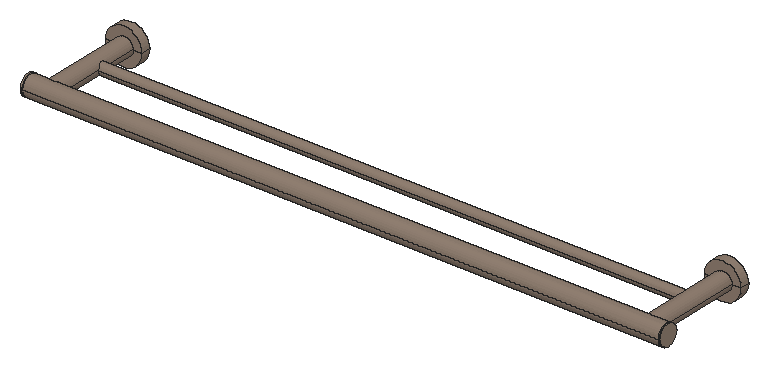
Revit family "Reece_Accessory_Mizu_Drift_Double Towel Rail", category Plumbing Fixtures, Revit 2018
Family settings
  Round Connector Dimension = Use Diameter
  Part Type = Normal
  Work Plane-Based = Yes
  Always vertical = Yes
  Cut with Voids When Loaded = Yes
  Shared = Yes
  Room Calculation Point = Yes
Parameters (values of type "700 x 123.5 mm_Brushed Bronze")
  URL = "https://www.reece.com.au/product/-2269448"
  Type Comments = "Accessory"
  Reece_Product_Web Page = "https://www.reece.com.au/product/-2269448"
  Reece_Product_Type = "Accessory"  # constant formula
  Reece_Product_Sub Brand = "Drift"  # constant formula
  Reece_Product_Number = "2269448"
  Reece_Product_Mount = "Wall"  # constant formula
  Reece_Product_Description = "Mizu Drift Double Towel Rail 700mm Brushed Bronze"
  Reece_Product_Brand = "Mizu"  # constant formula
  Reece_Overall_Width = 700 mm
  Reece_Overall_Height = 40 mm  # constant formula
  Reece_Material_Main = Reece_Brass_Brushed Bronze
  Reece_Height_From_Level [instance] = 600 mm
  Reece_Fixing_Point_Width = 655 mm
  Reece_Detail_Shape = ""
  Reece_Detail_Installation = "Wall Mounted"  # constant formula
  Reece_Detail_Disclaimer = "THIS FILE IS THE PROPERTY OF THE REECE GROUP. IT MAY NOT BE REPRODUCED, REVERSE-ENGINEERED, OR MODIFIED. ANY REPUBLICATION, TRANSMISSION, OR DISTRIBUTION FOR THE PURPOSE OF COMMERCIALLY EXPLOITING THE FILES IS PROHIBITED."  # constant formula
  Reece_Detail_Connector = ""
  Reece_Detail_Additional = ""
  Reece_Accessory_Projection = 123.5 mm  # constant formula
  Model = "Drift"
  Manufacturer = "Mizu"
  Keynote = "Product #2269448, Reece_Accessory_Mizu_Drift_Double Towel Rail - 700 x 123.5 mm_Brushed Bronze"
  Disclaimer = "THIS FILE IS THE PROPERTY OF THE REECE GROUP. IT MAY NOT BE REPRODUCED, REVERSE-ENGINEERED, OR MODIFIED. ANY REPUBLICATION, TRANSMISSION, OR DISTRIBUTION FOR THE PURPOSE OF COMMERCIALLY EXPLOITING THE FILES IS PROHIBITED."  # constant formula
  Description = "Mizu Drift Double Towel Rail 700mm Brushed Bronze"
  Default Elevation = 0 mm
Types (18, lengths in mm): name | URL | Reece_Product_Web Page | Reece_Product_Number | Reece_Product_Description | Reece_Overall_Width | Reece_Material_Main | Reece_Fixing_Point_Width | Keynote | Description
  900 x 123.5 mm_Brushed Bronze | "https://www.reece.com.au/product/-2269449" | "https://www.reece.com.au/product/-2269449" | "2269449" | "Mizu Drift Double Towel Rail 900mm Brushed Bronze" | 900 | Reece_Brass_Brushed Bronze | 860 | "Product #2269449, Reece_Accessory_Mizu_Drift_Double Towel Rail - 900 x 123.5 mm_Brushed Bronze" | "Mizu Drift Double Towel Rail 900mm Brushed Bronze"
  700 x 123.5 mm_Brushed Bronze | "https://www.reece.com.au/product/-2269448" | "https://www.reece.com.au/product/-2269448" | "2269448" | "Mizu Drift Double Towel Rail 700mm Brushed Bronze" | 700 | Reece_Brass_Brushed Bronze | 655 | "Product #2269448, Reece_Accessory_Mizu_Drift_Double Towel Rail - 700 x 123.5 mm_Brushed Bronze" | "Mizu Drift Double Towel Rail 700mm Brushed Bronze"
  590 x 123.5 mm_Brushed Bronze | "https://www.reece.com.au/product/-2269447" | "https://www.reece.com.au/product/-2269447" | "2269447" | "Mizu Drift Double Towel Rail 600mm Brushed Bronze" | 590 | Reece_Brass_Brushed Bronze | 545 | "Product #2269447, Reece_Accessory_Mizu_Drift_Double Towel Rail - 590 x 123.5 mm_Brushed Bronze" | "Mizu Drift Double Towel Rail 600mm Brushed Bronze"
  900 x 123.5 mm_Matte Black | "https://www.reece.com.au/product/-9512554" | "https://www.reece.com.au/product/-9512554" | "9512554" | "Mizu Drift Double Towel Rail 900mm Matte Black" | 900 | Reece_Brass_Matte Black | 860 | "Product #9512554, Reece_Accessory_Mizu_Drift_Double Towel Rail - 900 x 123.5 mm_Matte Black" | "Mizu Drift Double Towel Rail 900mm Matte Black"
  900 x 123.5 mm_Brushed Nickel | "https://www.reece.com.au/product/-9512555" | "https://www.reece.com.au/product/-9512555" | "9512555" | "Mizu Drift Double Towel Rail 900mm Brushed Nickel" | 900 | Reece_Brass_Brushed Nickel | 860 | "Product #9512555, Reece_Accessory_Mizu_Drift_Double Towel Rail - 900 x 123.5 mm_Brushed Nickel" | "Mizu Drift Double Towel Rail 900mm Brushed Nickel"
  900 x 123.5 mm_Brushed Gunmetal | "https://www.reece.com.au/product/-9512556" | "https://www.reece.com.au/product/-9512556" | "9512556" | "Mizu Drift Double Towel Rail 900mm Brushed Gunmetal" | 900 | Reece_Brass_Brushed Gunmetal | 860 | "Product #9512556, Reece_Accessory_Mizu_Drift_Double Towel Rail - 900 x 123.5 mm_Brushed Gunmetal" | "Mizu Drift Double Towel Rail 900mm Brushed Gunmetal"
  900 x 123.5 mm_Brushed Brass | "https://www.reece.com.au/product/-9512557" | "https://www.reece.com.au/product/-9512557" | "9512557" | "Mizu Drift Double Towel Rail 900mm Brushed Brass" | 900 | Reece_Brass_Brushed | 860 | "Product #9512557, Reece_Accessory_Mizu_Drift_Double Towel Rail - 900 x 123.5 mm_Brushed Brass" | "Mizu Drift Double Towel Rail 900mm Brushed Brass"
  700 x 123.5 mm_Brushed Brass | "https://www.reece.com.au/product/-9512444" | "https://www.reece.com.au/product/-9512444" | "9512444" | "Mizu Drift Double Towel Rail 700mm Brushed Brass" | 700 | Reece_Brass_Brushed | 655 | "Product #9512444, Reece_Accessory_Mizu_Drift_Double Towel Rail - 700 x 123.5 mm_Brushed Brass" | "Mizu Drift Double Towel Rail 700mm Brushed Brass"
  590 x 123.5 mm_Brushed Nickel | "https://www.reece.com.au/product/-9512563" | "https://www.reece.com.au/product/-9512563" | "9512563" | "Mizu Drift Double Towel Rail 600mm Brushed Nickel" | 590 | Reece_Brass_Brushed Nickel | 545 | "Product #9512563, Reece_Accessory_Mizu_Drift_Double Towel Rail - 590 x 123.5 mm_Brushed Nickel" | "Mizu Drift Double Towel Rail 600mm Brushed Nickel"
  590 x 123.5 mm_Brushed Gunmetal | "https://www.reece.com.au/product/-9512564" | "https://www.reece.com.au/product/-9512564" | "9512564" | "Mizu Drift Double Towel Rail 600mm Brushed Gunmetal" | 590 | Reece_Brass_Brushed Gunmetal | 545 | "Product #9512564, Reece_Accessory_Mizu_Drift_Double Towel Rail - 590 x 123.5 mm_Brushed Gunmetal" | "Mizu Drift Double Towel Rail 600mm Brushed Gunmetal"
  590 x 123.5 mm_Brushed Brass | "https://www.reece.com.au/product/-9512565" | "https://www.reece.com.au/product/-9512565" | "9512565" | "Mizu Drift Double Towel Rail 600mm Brushed Brass" | 590 | Reece_Brass_Brushed | 545 | "Product #9512565, Reece_Accessory_Mizu_Drift_Double Towel Rail - 590 x 123.5 mm_Brushed Brass" | "Mizu Drift Double Towel Rail 600mm Brushed Brass"
  700 x 123.5 mm_Brushed Gunmetal | "https://www.reece.com.au/product/-2217441" | "https://www.reece.com.au/product/-2217441" | "2217441" | "Mizu Drift Double Towel Rail 700mm Brushed Gunmetal" | 700 | Reece_Brass_Brushed Gunmetal | 655 | "Product #2217441, Reece_Accessory_Mizu_Drift_Double Towel Rail - 700 x 123.5 mm_Brushed Gunmetal" | "Mizu Drift Double Towel Rail 700mm Brushed Gunmetal"
  900 x 123.5 mm_Chrome | "https://www.reece.com.au/product/-9502116" | "https://www.reece.com.au/product/-9502116" | "9502116" | "Mizu Drift Double Towel Rail 900mm Chrome" | 900 | Reece_Brass_Chrome | 860 | "Product #9502116, Reece_Accessory_Mizu_Drift_Double Towel Rail - 900 x 123.5 mm_Chrome" | "Mizu Drift Double Towel Rail 900mm Chrome"
  700 x 123.5 mm_Matte Black | "https://www.reece.com.au/product/-9506776" | "https://www.reece.com.au/product/-9506776" | "9506776" | "Mizu Drift Double Towel Rail 700mm Matte Black" | 700 | Reece_Brass_Matte Black | 655 | "Product #9506776, Reece_Accessory_Mizu_Drift_Double Towel Rail - 700 x 123.5 mm_Matte Black" | "Mizu Drift Double Towel Rail 700mm Matte Black"
  700 x 123.5 mm_Chrome | "https://www.reece.com.au/product/-2202019" | "https://www.reece.com.au/product/-2202019" | "2202019" | "Mizu Drift Double Towel Rail 700mm Chrome" | 700 | Reece_Brass_Chrome | 655 | "Product #2202019, Reece_Accessory_Mizu_Drift_Double Towel Rail - 700 x 123.5 mm_Chrome" | "Mizu Drift Double Towel Rail 700mm Chrome"
  700 x 123.5 mm_Brushed Nickel | "https://www.reece.com.au/product/-9508230" | "https://www.reece.com.au/product/-9508230" | "9508230" | "Mizu Drift Double Towel Rail 700mm Brushed Nickel" | 700 | Reece_Brass_Brushed Nickel | 655 | "Product #9508230, Reece_Accessory_Mizu_Drift_Double Towel Rail - 700 x 123.5 mm_Brushed Nickel" | "Mizu Drift Double Towel Rail 700mm Brushed Nickel"
  590 x 123.5 mm_Matte Black | "https://www.reece.com.au/product/-9506774" | "https://www.reece.com.au/product/-9506774" | "9506774" | "Mizu Drift Double Towel Rail 600mm Matte Black" | 590 | Reece_Brass_Matte Black | 545 | "Product #9506774, Reece_Accessory_Mizu_Drift_Double Towel Rail - 590 x 123.5 mm_Matte Black" | "Mizu Drift Double Towel Rail 600mm Matte Black"
  590 x 123.5 mm_Chrome | "https://www.reece.com.au/product/-2202018" | "https://www.reece.com.au/product/-2202018" | "2202018" | "Mizu Drift Double Towel Rail 600mm Chrome" | 590 | Reece_Brass_Chrome | 545 | "Product #2202018, Reece_Accessory_Mizu_Drift_Double Towel Rail - 590 x 123.5 mm_Chrome" | "Mizu Drift Double Towel Rail 600mm Chrome"
Reference planes
  plane 1 "Center (Front/Back)": y = 0
  plane 2 "Bottom Host Plane": z = 0
  plane 3 "Center (Left/Right)": x = 0
  plane 4: x = -327.5
  plane 5: y = -123.5
  plane 6: x = 327.5
  plane 7: x = -350
  plane 8: x = -348
  plane 9: x = 350
  plane 10: x = 348
  plane 11 "Height from level": z = 600
  plane 12: z = -5
Forms (mm)
  Revolve 1, solid, material "Reece_Brass_Brushed Bronze" <- "Reece_Material_Main"
    sketch origin (0, 386.218, 600) x (0, 1, 0) y (-1, 0, 0)
      loop
        line (-386.218, 327.5) -> (-497.718, 327.5) -> (-497.718, 317.5) -> (-396.218, 317.5) -> (-396.218, 307.5) -> (-386.218, 307.5) -> (-386.218, 327.5)
      axis (-386.218, 327.5) -> (-497.718, 327.5)
    angle from 0 to 360
  Revolve 2, solid, material "Reece_Brass_Brushed Bronze" <- "Reece_Material_Main"
    sketch origin (0, 386.218, 600) x (0, 1, 0) y (-1, 0, 0)
      loop
        line (-386.218, -327.5) -> (-497.718, -327.5) -> (-497.718, -337.5) -> (-396.218, -337.5) -> (-396.218, -347.5) -> (-386.218, -347.5) -> (-386.218, -327.5)
      axis (-386.218, -327.5) -> (-497.718, -327.5)
    angle from 0 to 360
  Extrusion 3, solid, material "Reece_Brass_Brushed Bronze" <- "Reece_Material_Main"
    sketch origin (0, -3, 0) x (0, 1, 0) y (0, 0, 1)
      loop
        circle (-109.5, 600) r 11
    from -348 to 348
  Extrusion 4, solid, material "Reece_Brass_Brushed Bronze" <- "Reece_Material_Main"
    sketch origin (0, 2.4, 0) x (0, 1, 0) y (0, 0, 1)
      loop
        circle (-53.9, 600) r 6
    from -327.5 to 327.5
  Extrusion 5, solid, material "Reece_Brass_Brushed Bronze" <- "Reece_Material_Main"
    sketch origin (245, -3, 0) x (0, 1, 0) y (0, 0, 1)
      loop
        circle (-109.5, 600) r 11
    from 103 to 105
  Extrusion 6, solid, material "Reece_Brass_Brushed Bronze" <- "Reece_Material_Main"
    sketch origin (-245, -3, 0) x (0, 1, 0) y (0, 0, -1)
      loop
        circle (-109.5, -600) r 11
    from 103 to 105
Cuts and joins
  joined: Revolve 1, Revolve 2, Extrusion 3, Extrusion 4
Lines and regions (mm)
  model lines, style "InvisibleLines"
    curve 1: line (0, 0, 600) -> (0, 0, 0)
Text (mm)
  text "Reece ©" at (2829.964, -2491.88, 2694.969), in view "Reece Preview"
  text "Reece ©" at (583.919, -522.681, -1020.679), in view "Ref. Level"
Dimensions and locks
  "Reece_Accessory_Projection": plane 5 to plane 1 "Center (Front/Back)"
  equal spacing: plane 4, plane 3 "Center (Left/Right)", plane 6
  "Reece_Overall_Width": plane 7 to plane 9
  "Reece_Fixing_Point_Width": plane 4 to plane 6
  locked: plane 7 to plane 8 at 2
  locked: plane 10 to plane 9 at 2
  equal spacing: plane 7, plane 3 "Center (Left/Right)", plane 9
  "Reece_Height_From_Level": plane 11 "Height from level" to level
  locked: plane 11 "Height from level" to Extrusion 4 sketch curve at 0
  locked: plane 11 "Height from level" to Extrusion 6 sketch curve at 0
  locked: plane 11 "Height from level" to Extrusion 3 sketch curve at 0
  locked: plane 11 "Height from level" to Extrusion 5 sketch curve at 0
  locked: Extrusion 3 sketch curve to plane 5 at 11
  Extrusion 5 sketch curve to plane 5 = 11 mm
  locked: plane 12 to level at 5
  Extrusion 6 sketch curve to plane 5 = 11 mm
  locked: Extrusion 4 sketch curve to plane 5 at 72
  locked: plane 6 to Revolve 2 sketch curve at 20
  locked: plane 4 to Revolve 1 sketch curve at 20
  aligned and locked: plane 6 to Revolve 2 sketch curve
  aligned and locked: Revolve 1 sketch curve to plane 4
  aligned and locked: plane 1 "Center (Front/Back)" to Revolve 1 sketch curve
  aligned and locked: plane 1 "Center (Front/Back)" to Revolve 2 sketch curve
  aligned and locked: Extrusion 4 to plane 6
  aligned and locked: Extrusion 4 to plane 4
  aligned and locked: Extrusion 5 to plane 9
  aligned and locked: Extrusion 5 to Extrusion 3
  aligned and locked: Extrusion 3 to plane 10
  aligned and locked: Extrusion 6 to plane 7
  aligned and locked: plane 8 to Extrusion 6
  aligned and locked: Extrusion 3 to plane 8
  aligned and locked: curve 1 to plane 1 "Center (Front/Back)"
  aligned and locked: level to curve 1
  aligned and locked: plane 11 "Height from level" to curve 1
Automatic sketch dimensions
  Revolve 1 sketch curve to plane 4 = 0 mm
  plane 1 "Center (Front/Back)" to Revolve 1 sketch curve = 0 mm
  plane 1 "Center (Front/Back)" to Revolve 1 sketch curve = 10 mm
  Revolve 1 sketch curve to plane 5 = 12 mm
  Revolve 1 sketch curve to Revolve 1 sketch curve = 10 mm
  plane 5 to Revolve 1 sketch curve = 13 mm
  Revolve 2 sketch curve to plane 6 = 0 mm
  plane 1 "Center (Front/Back)" to Revolve 2 sketch curve = 0 mm
  plane 1 "Center (Front/Back)" to Revolve 2 sketch curve = 10 mm
  Revolve 2 sketch curve to plane 5 = 12 mm
  Revolve 2 sketch curve to plane 6 = 10 mm
  plane 5 to Revolve 2 sketch curve = 10 mm
  radius of Extrusion 3 sketch curve = 11 mm
  radius of Extrusion 4 sketch curve = 6 mm
  radius of Extrusion 5 sketch curve = 11 mm
  radius of Extrusion 6 sketch curve = 11 mm
